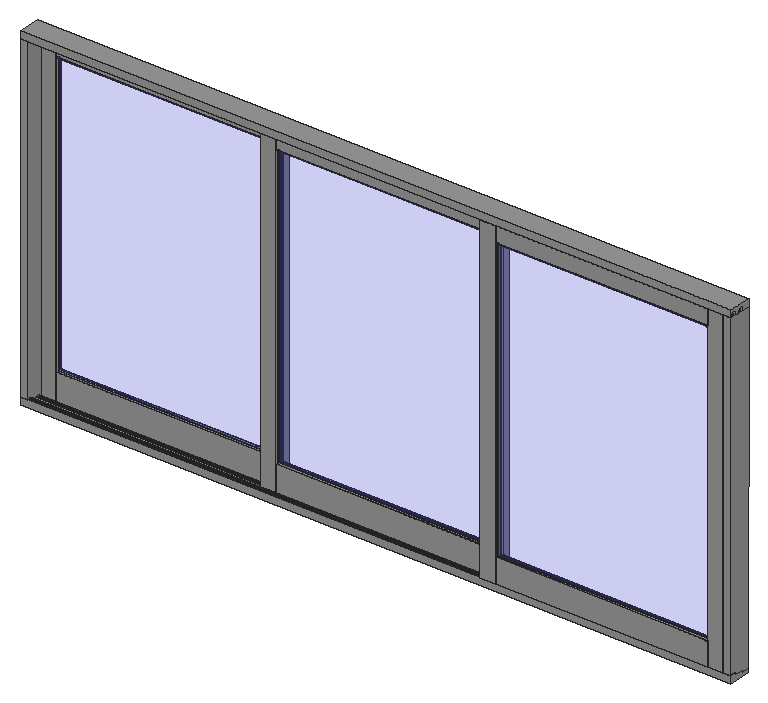
Revit family "VSD4.4TS LH", category Doors, host Wall, Revit 2015
Parameters (values of type "VSD4.4TS LH")
  Function = Interior
  Frame Projection Ext. = 25 mm
  Frame Projection Int. = 25 mm
  Frame Width = 75 mm
  Height = 2100 mm
  Wall Closure = By host
  Width = 4450 mm
Reference planes
  plane 1: y = 0
  plane 2 "Center (Left/Right)": x = 0
  plane 3 "Left": x = -2225
  plane 4 "Right": x = 2225
  plane 5: z = 2100
  plane 6 "Exterior": y = 75
  plane 7 "Interior": y = -75
  plane 8: x = -2075
  plane 9: x = -2180
  plane 10: x = -761.667
  plane 11: x = -656.667
  plane 12: x = -761.667
  plane 13: x = -656.667
  plane 14: x = 761.667
  plane 15: x = 656.667
  plane 16: x = 2180
  plane 17: x = 2075
  plane 18: x = 761.667
  plane 19: x = 656.667
Forms (mm)
  Extrusion 1, solid, material "Lauan, Meranti"
    sketch origin (0, 79.18, -119.746) x (0, 1, 0) y (0, 0, -1)
      loop
        line (-149.18, -119.746) -> (-149.18, -164.746) -> (-141.18, -164.746) -> (-141.18, -163.746) -> (-117.18, -163.746) -> (-117.18, -152.746) -> (-85.18, -152.746) -> (-85.18, -151.746) -> (-61.18, -151.746) -> (-61.18, -140.746) -> (-9.18, -140.746) -> (-9.18, -119.746) -> (-149.18, -119.746)
    from -2225 to 2225
  Extrusion 2, solid, material "Lauan, Meranti"
    sketch origin (0, 0, 0) x (0, 1, 0) y (0, 0, -1)
      loop
        line (70, -2100) -> (70, -2055) -> (17, -2055) -> (17, -2075) -> (-5, -2075) -> (-5, -2055) -> (-39, -2055) -> (-39, -2075) -> (-61, -2075) -> (-61, -2055) -> (-70, -2055) -> (-70, -2100) -> (70, -2100)
    from -2225 to 2225
  Extrusion 3, solid, material "Lauan, Meranti"
    sketch origin (0, 0, 0) x (-1, 0, 0) y (0, -1, 0)
      loop
        line (-2225, -70) -> (-2182, -70) -> (-2182, -50) -> (-2180, -50) -> (-2180, 70) -> (-2225, 70) -> (-2225, -70)
      loop
        line (2225, -70) -> (2225, 70) -> (2180, 70) -> (2180, -50) -> (2182, -50) -> (2182, -70) -> (2225, -70)
    from 45 to 2055
  Extrusion 4, solid, material "Lauan, Meranti"
    sketch origin (0, 0, 0) x (-1, 0, 0) y (0, -1, 0)
      loop
        line (-2180, -50) -> (-2180, 38) -> (-2225, 38) -> (-2225, -70) -> (-2182, -70) -> (-2182, -50) -> (-2180, -50)
      loop
        line (2180, -50) -> (2182, -50) -> (2182, -70) -> (2225, -70) -> (2225, 38) -> (2180, 38) -> (2180, -50)
    from 33 to 45
  Extrusion 5, solid, material "Steel, Chrome Plated"
    sketch origin (0, 0, 0) x (0, 1, 0) y (0, 0, -1)
      loop
        line (-38, -45) -> (-38, -44) -> (-62, -44) -> (-62, -45) -> (-51, -45) -> (-51, -46.882)
        arc (-51, -46.882) -> (-50, -49.5) -> (-49, -46.882) r 1.5
        line (-49, -46.882) -> (-49, -45) -> (-38, -45)
    from -2225 to 2180
  Extrusion 6, solid, material "Lauan, Meranti"
    sketch origin (0, 0, 0) x (-1, 0, 0) y (0, -1, 0)
      loop
        line (-2225, -70) -> (-2182, -70) -> (-2182, -50) -> (-2180, -50) -> (-2180, -18) -> (-2225, -18) -> (-2225, -70)
      loop
        line (2225, -70) -> (2225, -18) -> (2180, -18) -> (2180, -50) -> (2182, -50) -> (2182, -70) -> (2225, -70)
    from 21 to 33
  Extrusion 7, solid, material "Steel, Chrome Plated"
    sketch origin (0, 56, -12) x (0, 1, 0) y (0, 0, -1)
      loop
        line (-38, -45) -> (-38, -44) -> (-62, -44) -> (-62, -45) -> (-51, -45) -> (-51, -46.882)
        arc (-51, -46.882) -> (-50, -49.5) -> (-49, -46.882) r 1.5
        line (-49, -46.882) -> (-49, -45) -> (-38, -45)
    from -761.667 to 2180
  Extrusion 8, solid, material "Lauan, Meranti"
    sketch origin (0, 0, 0) x (-1, 0, 0) y (0, -1, 0)
      loop
        line (-2084, 70) -> (-2180, 70) -> (-2180, 30) -> (-2084, 30) -> (-2084, 60) -> (-2075, 60) -> (-2075, 62) -> (-2077, 62)
        arc (-2077, 62) -> (-2079.265, 66.44) -> (-2084, 68) r 6.549
        line (-2084, 68) -> (-2084, 70)
      loop
        line (-752.667, 70) -> (-752.667, 68)
        arc (-752.667, 68) -> (-757.401, 66.44) -> (-759.667, 62) r 6.549
        line (-759.667, 62) -> (-761.667, 62) -> (-761.667, 60) -> (-752.667, 60) -> (-752.667, 30) -> (-656.667, 30) -> (-656.667, 70) -> (-752.667, 70)
    from 45 to 2055
  Extrusion 9, solid, material "Lauan, Meranti"
    sketch origin (-1630, 104, 0) x (-1, 0, 0) y (0, -1, 0)
      loop
        line (454, 70) -> (454, 68)
        arc (454, 68) -> (449.265, 66.44) -> (447, 62) r 6.549
        line (447, 62) -> (445, 62) -> (445, 60) -> (454, 60) -> (454, 30) -> (550, 30) -> (550, 70) -> (454, 70)
      loop
        line (-877.333, 70) -> (-973.333, 70) -> (-973.333, 30) -> (-877.333, 30) -> (-877.333, 60) -> (-868.333, 60) -> (-868.333, 62) -> (-870.333, 62)
        arc (-870.333, 62) -> (-872.599, 66.44) -> (-877.333, 68) r 6.549
        line (-877.333, 68) -> (-877.333, 70)
    from 21 to 2055
  Extrusion 10, solid, material "Lauan, Meranti"
    sketch origin (-1240.468, 46.5, 0) x (0, 1, 0) y (0, 0, -1)
      loop
        arc (-4.5, -1952) -> (-8.866, -1954.33) -> (-10.5, -1959) r 6.807
        line (-10.5, -1959) -> (-12.5, -1959) -> (-12.5, -2055) -> (27.5, -2055) -> (27.5, -1959) -> (-2.5, -1959) -> (-2.5, -1950) -> (-4.5, -1950) -> (-4.5, -1952)
      loop
        line (-12.5, -192) -> (-10.5, -192)
        arc (-10.5, -192) -> (-8.866, -196.67) -> (-4.5, -199) r 6.807
        line (-4.5, -199) -> (-4.5, -201) -> (-2.5, -201) -> (-2.5, -192) -> (27.5, -192) -> (27.5, -21) -> (-12.5, -21) -> (-12.5, -192)
    from -487.801 to 843.532
  Extrusion 11, solid, material "Lauan, Meranti"
    sketch origin (-260.468, 46.5, 0) x (0, 1, 0) y (0, 0, -1)
      loop
        arc (-52.5, -1952) -> (-56.866, -1954.33) -> (-58.5, -1959) r 6.807
        line (-58.5, -1959) -> (-60.5, -1959) -> (-60.5, -2055) -> (-20.5, -2055) -> (-20.5, -1959) -> (-50.5, -1959) -> (-50.5, -1950) -> (-52.5, -1950) -> (-52.5, -1952)
      loop
        line (-60.5, -192) -> (-58.5, -192)
        arc (-58.5, -192) -> (-56.866, -196.67) -> (-52.5, -199) r 6.807
        line (-52.5, -199) -> (-52.5, -201) -> (-50.5, -201) -> (-50.5, -192) -> (-20.5, -192) -> (-20.5, -33) -> (-60.5, -33) -> (-60.5, -192)
    from -926.134 to 405.199
  Extrusion 12, solid, material "Lauan, Meranti"
    sketch origin (-815, 56, 0) x (-1, 0, 0) y (0, -1, 0)
      loop
        line (-149.333, 70) -> (-149.333, 68)
        arc (-149.333, 68) -> (-154.068, 66.44) -> (-156.333, 62) r 6.549
        line (-156.333, 62) -> (-158.333, 62) -> (-158.333, 60) -> (-149.333, 60) -> (-149.333, 30) -> (-53.333, 30) -> (-53.333, 70) -> (-149.333, 70)
      loop
        line (-1480.667, 70) -> (-1576.667, 70) -> (-1576.667, 30) -> (-1480.667, 30) -> (-1480.667, 60) -> (-1471.667, 60) -> (-1471.667, 62) -> (-1473.667, 62)
        arc (-1473.667, 62) -> (-1475.932, 66.44) -> (-1480.667, 68) r 6.549
        line (-1480.667, 68) -> (-1480.667, 70)
    from 33 to 2055
  Extrusion 13, solid, material "Lauan, Meranti"
    sketch origin (659.532, 46.5, 0) x (0, 1, 0) y (0, 0, -1)
      loop
        arc (-108.5, -1952) -> (-112.866, -1954.33) -> (-114.5, -1959) r 6.807
        line (-114.5, -1959) -> (-116.5, -1959) -> (-116.5, -2055) -> (-76.5, -2055) -> (-76.5, -1959) -> (-106.5, -1959) -> (-106.5, -1950) -> (-108.5, -1950) -> (-108.5, -1952)
      loop
        line (-116.5, -192) -> (-114.5, -192)
        arc (-114.5, -192) -> (-112.866, -196.67) -> (-108.5, -199) r 6.807
        line (-108.5, -199) -> (-108.5, -201) -> (-106.5, -201) -> (-106.5, -192) -> (-76.5, -192) -> (-76.5, -45) -> (-116.5, -45) -> (-116.5, -192)
    from -1424.468 to -93.134
  Sweep 14, solid, material "Lauan, Meranti"
    path origin (-396.541, -71.95, -1407.63) x (-1, 0, 0) y (0, 0, -1)
      loop
        line (356.126, -3366.63) -> (1687.459, -3366.63) -> (1687.459, -1599.63) -> (356.126, -1599.63) -> (356.126, -3366.63)
    profile origin (-1418.333, -71.95, 1959) x (0, 0, -1) y (0, -1, 0)
      loop
        line (9, -124.5) -> (0, -124.5) -> (0, -132.5)
        arc (0, -132.5) -> (4.67, -130.866) -> (7, -126.5) r 6.807
        line (7, -126.5) -> (9, -126.5) -> (9, -124.5)
  Extrusion 15, solid, material "Glass"
    sketch origin (-691.517, -61, -241.167) x (-1, 0, 0) y (0, 0, -1)
      loop
        line (61.15, -2200.167) -> (1392.483, -2200.167) -> (1392.483, -433.167) -> (61.15, -433.167) -> (61.15, -2200.167)
    from -112.5 to -106.1
  Sweep 16, solid, material "Lauan, Meranti"
    path origin (418.469, -119.95, -1407.63) x (-1, 0, 0) y (0, 0, -1)
      loop
        line (-247.198, -3366.63) -> (1084.136, -3366.63) -> (1084.136, -1599.63) -> (-247.198, -1599.63) -> (-247.198, -3366.63)
    profile origin (0, -119.95, 1959) x (0, 0, -1) y (0, -1, 0)
      loop
        line (9, -124.5) -> (0, -124.5) -> (0, -132.5)
        arc (0, -132.5) -> (4.67, -130.866) -> (7, -126.5) r 6.807
        line (7, -126.5) -> (9, -126.5) -> (9, -124.5)
  Extrusion 17, solid, material "Glass"
    sketch origin (123.493, -109, -241.167) x (-1, 0, 0) y (0, 0, -1)
      loop
        line (-542.174, -2200.167) -> (789.159, -2200.167) -> (789.159, -433.167) -> (-542.174, -433.167) -> (-542.174, -2200.167)
    from -112.5 to -106.1
  Sweep 18, solid, material "Lauan, Meranti"
    path origin (1233.469, -175.95, -1407.63) x (-1, 0, 0) y (0, 0, -1)
      loop
        line (-850.541, -3366.63) -> (480.802, -3366.63) -> (480.802, -1599.63) -> (-850.541, -1599.63) -> (-850.541, -3366.63)
    profile origin (1418.338, -175.95, 1959) x (0, 0, -1) y (0, -1, 0)
      loop
        line (9, -124.5) -> (0, -124.5) -> (0, -132.5)
        arc (0, -132.5) -> (4.67, -130.866) -> (7, -126.5) r 6.807
        line (7, -126.5) -> (9, -126.5) -> (9, -124.5)
  Extrusion 19, solid, material "Glass"
    sketch origin (938.493, -165, -241.167) x (-1, 0, 0) y (0, 0, -1)
      loop
        line (-1145.517, -2200.167) -> (185.826, -2200.167) -> (185.826, -433.167) -> (-1145.517, -433.167) -> (-1145.517, -2200.167)
    from -112.5 to -106.1
  Extrusion 20, solid, material "Steel, Chrome Plated"
    sketch origin (0, 0, 0) x (0, 1, 0) y (0, 0, -1)
      loop
        line (16.5, -2075) -> (16.5, -2055) -> (14.3, -2055) -> (14.3, -2072.8) -> (-2.3, -2072.8) -> (-2.3, -2055) -> (-4.5, -2055) -> (-4.5, -2075) -> (16.5, -2075)
    from -2225 to 2225
  Extrusion 21, solid, material "Steel, Chrome Plated"
    sketch origin (0, -56, 0) x (0, 1, 0) y (0, 0, -1)
      loop
        line (16.5, -2075) -> (16.5, -2055) -> (14.3, -2055) -> (14.3, -2072.8) -> (-2.3, -2072.8) -> (-2.3, -2055) -> (-4.5, -2055) -> (-4.5, -2075) -> (16.5, -2075)
    from -2225 to 2225
Cuts and joins
  joined: Extrusion 3, Extrusion 4, Extrusion 6
Lines and regions (mm)
  Opening 1
    outline origin (-5000, 75, 0) x (-1, 0, 0) y (0, 0, 1)
      loop
        line (-7225, 0) -> (-2775, 0) -> (-2775, 2100) -> (-7225, 2100) -> (-7225, 0)
  model lines
    curve 1: line (255.153, 99.5, 1050) -> (-85.77, 99.5, 1050)
    curve 2: line (-224.847, 99.5, 1050) -> (-85.77, 99.5, 1106.191)
    curve 3: line (-85.77, 99.5, 1106.191) -> (-85.77, 99.5, 993.809)
    curve 4: line (-224.847, 99.5, 1050) -> (-85.77, 99.5, 993.809)
    curve 5: line (1673.486, 99.5, 1050) -> (1332.564, 99.5, 1050)
    curve 6: line (1193.486, 99.5, 1050) -> (1332.564, 99.5, 1106.191)
    curve 7: line (1332.564, 99.5, 1106.191) -> (1332.564, 99.5, 993.809)
    curve 8: line (1193.486, 99.5, 1050) -> (1332.564, 99.5, 993.809)
Text (mm)
  text "Exterior" at (-2295.016, 1099.543, 0), in view "Ref. Level"
  text "Exterior" at (0, 1615.38, 3698.081), in view "Left"
  text "Exterior" at (0, 1036.032, 3874.932), in view "Right"
Dimensions and locks
  equal spacing: plane 3 "Left", plane 2 "Center (Left/Right)", plane 4 "Right"
  "Width": plane 3 "Left" to plane 4 "Right"
  "Height": plane 5 to host wall
  host wall to plane 5 = 2100 mm  (x2)
  locked: plane 6 "Exterior" to host wall at 0
  locked: plane 7 "Interior" to host wall
  plane 3 "Left" to plane 4 "Right" = 4450 mm
  aligned and locked: host wall to plane 1
  aligned and locked: Opening 1 sketch curve to level
Automatic sketch dimensions
  curve 2 to plane 2 "Center (Left/Right)" = 224.847 mm
  curve 2 to plane 2 "Center (Left/Right)" = 85.77 mm
  plane 4 "Right" to curve 6 = 1031.514 mm
  curve 6 to curve 6 = 139.078 mm
  level to curve 4 = 993.809 mm
  level to curve 7 = 993.809 mm
  curve 7 to curve 8 = 56.191 mm
  curve 3 to curve 4 = 56.191 mm
  curve 3 to curve 3 = 112.382 mm
  curve 7 to curve 7 = 112.382 mm
  plane 2 "Center (Left/Right)" to curve 1 = 255.153 mm
  curve 5 to curve 5 = 340.922 mm
  curve 1 to curve 2 = 56.191 mm
  curve 7 to curve 5 = 56.191 mm
  plane 4 "Right" to Opening 1 sketch curve = 0 mm
  plane 3 "Left" to Opening 1 sketch curve = 0 mm
  Opening 1 sketch curve to plane 5 = 0 mm
  Extrusion 1 sketch curve to level = 0 mm
  Extrusion 1 sketch curve to host wall = 5 mm  (x2)
  Extrusion 1 sketch curve to Extrusion 1 sketch curve = 8 mm
  Extrusion 1 sketch curve to Extrusion 1 sketch curve = 24 mm
  host wall to Extrusion 1 sketch curve = 6 mm
  Extrusion 1 sketch curve to host wall = 18 mm
  level to Extrusion 1 sketch curve = 21 mm
  Extrusion 1 sketch curve to Extrusion 1 sketch curve = 11 mm  (x2)
  Extrusion 1 sketch curve to Extrusion 1 sketch curve = 1 mm  (x2)
  plane 5 to Extrusion 2 sketch curve = 0 mm
  Extrusion 2 sketch curve to host wall = 5 mm  (x2)
  Extrusion 2 sketch curve to Extrusion 2 sketch curve = 9 mm
  Extrusion 2 sketch curve to Extrusion 2 sketch curve = 22 mm
  host wall to Extrusion 2 sketch curve = 5 mm
  Extrusion 2 sketch curve to host wall = 17 mm
  plane 5 to Extrusion 2 sketch curve = 25 mm  (x2)
  Extrusion 2 sketch curve to Extrusion 2 sketch curve = 20 mm  (x3)
  Extrusion 3 sketch curve to plane 4 "Right" = 0 mm
  Extrusion 3 sketch curve to plane 3 "Left" = 0 mm
  Extrusion 3 sketch curve to plane 4 "Right" = 43 mm
  host wall to Extrusion 3 sketch curve = 5 mm  (x4)
  Extrusion 3 sketch curve to Extrusion 3 sketch curve = 45 mm
  plane 3 "Left" to Extrusion 3 sketch curve = 45 mm
  Extrusion 3 sketch curve to Extrusion 3 sketch curve = 2 mm
  host wall to Extrusion 3 sketch curve = 25 mm  (x2)
  Extrusion 4 sketch curve to plane 4 "Right" = 0 mm
  Extrusion 4 sketch curve to plane 3 "Left" = 0 mm
  Extrusion 4 sketch curve to plane 4 "Right" = 43 mm
  Extrusion 4 sketch curve to Extrusion 4 sketch curve = 2 mm  (x2)
  plane 3 "Left" to Extrusion 4 sketch curve = 45 mm
  host wall to Extrusion 4 sketch curve = 5 mm  (x2)
  host wall to Extrusion 4 sketch curve = 25 mm
  Extrusion 4 sketch curve to Extrusion 4 sketch curve = 20 mm
  host wall to Extrusion 4 sketch curve = 37 mm  (x2)
  Extrusion 5 sketch curve to host wall = 13 mm
  Extrusion 5 sketch curve to Extrusion 5 sketch curve = 11 mm  (x2)
  Extrusion 5 sketch curve to Extrusion 5 sketch curve = 1 mm  (x3)
  level to Extrusion 5 sketch curve = 48 mm
  Extrusion 5 sketch curve to Extrusion 5 sketch curve = 1.118 mm
  Extrusion 5 sketch curve to Extrusion 5 sketch curve = 1.882 mm  (x2)
  Extrusion 6 sketch curve to plane 4 "Right" = 0 mm
  Extrusion 6 sketch curve to plane 3 "Left" = 0 mm
  host wall to Extrusion 6 sketch curve = 5 mm  (x2)
  Extrusion 6 sketch curve to Extrusion 6 sketch curve = 43 mm
  Extrusion 6 sketch curve to Extrusion 6 sketch curve = 2 mm  (x2)
  host wall to Extrusion 6 sketch curve = 18 mm  (x2)
  plane 3 "Left" to Extrusion 6 sketch curve = 45 mm
  Extrusion 6 sketch curve to Extrusion 6 sketch curve = 20 mm
  host wall to Extrusion 6 sketch curve = 25 mm
  host wall to Extrusion 7 sketch curve = 6 mm
  Extrusion 7 sketch curve to host wall = 5 mm
  Extrusion 7 sketch curve to Extrusion 7 sketch curve = 1 mm  (x3)
  Extrusion 7 sketch curve to Extrusion 7 sketch curve = 11 mm
  level to Extrusion 7 sketch curve = 36 mm
  Extrusion 7 sketch curve to Extrusion 7 sketch curve = 1.118 mm
  Extrusion 7 sketch curve to Extrusion 7 sketch curve = 1.882 mm  (x2)
  Extrusion 8 sketch curve to plane 16 = 0 mm
  Extrusion 8 sketch curve to plane 17 = 0 mm
  Extrusion 8 sketch curve to plane 18 = 0 mm
  Extrusion 8 sketch curve to plane 19 = 0 mm
  Extrusion 8 sketch curve to plane 17 = 9 mm  (x2)
  Extrusion 8 sketch curve to Extrusion 8 sketch curve = 0.473 mm  (x3)
  Extrusion 8 sketch curve to Extrusion 8 sketch curve = 2 mm  (x5)
  Extrusion 8 sketch curve to Extrusion 8 sketch curve = 6.527 mm
  host wall to Extrusion 8 sketch curve = 5 mm  (x2)
  Extrusion 8 sketch curve to Extrusion 8 sketch curve = 6 mm  (x2)
  Extrusion 8 sketch curve to Extrusion 8 sketch curve = 1.468 mm
  Extrusion 8 sketch curve to host wall = 30 mm  (x2)
  Extrusion 9 sketch curve to plane 11 = 0 mm
  Extrusion 9 sketch curve to plane 10 = 0 mm
  Extrusion 9 sketch curve to plane 8 = 0 mm
  Extrusion 9 sketch curve to plane 9 = 0 mm
  plane 10 to Extrusion 9 sketch curve = 9 mm
  Extrusion 9 sketch curve to Extrusion 9 sketch curve = 0 mm
  Extrusion 9 sketch curve to Extrusion 9 sketch curve = 0.473 mm  (x2)
  plane 10 to Extrusion 9 sketch curve = 2 mm
  Extrusion 9 sketch curve to Extrusion 9 sketch curve = 2 mm  (x3)
  Extrusion 9 sketch curve to Extrusion 9 sketch curve = 6.527 mm
  Extrusion 9 sketch curve to host wall = 1 mm  (x2)
  Extrusion 9 sketch curve to plane 8 = 9 mm
  Extrusion 9 sketch curve to host wall = 31 mm
  Extrusion 9 sketch curve to Extrusion 9 sketch curve = 30 mm
  Extrusion 9 sketch curve to Extrusion 9 sketch curve = 1.468 mm  (x2)
  Extrusion 9 sketch curve to host wall = 34 mm  (x2)
  Extrusion 10 sketch curve to host wall = 34 mm  (x2)
  Extrusion 10 sketch curve to Extrusion 10 sketch curve = 2 mm  (x6)
  Extrusion 10 sketch curve to Extrusion 10 sketch curve = 6 mm  (x2)
  Extrusion 10 sketch curve to Extrusion 10 sketch curve = 0.803 mm
  Extrusion 10 sketch curve to Extrusion 10 sketch curve = 6.803 mm
  Extrusion 10 sketch curve to host wall = 1 mm  (x2)
  plane 5 to Extrusion 10 sketch curve = 45 mm
  Extrusion 10 sketch curve to Extrusion 10 sketch curve = 96 mm
  Extrusion 10 sketch curve to Extrusion 10 sketch curve = 0 mm
  Extrusion 10 sketch curve to Extrusion 10 sketch curve = 0.241 mm  (x2)
  level to Extrusion 10 sketch curve = 201 mm
  Extrusion 10 sketch curve to Extrusion 10 sketch curve = 6.759 mm
  level to Extrusion 10 sketch curve = 21 mm
  host wall to Extrusion 11 sketch curve = 14 mm  (x2)
  Extrusion 11 sketch curve to Extrusion 11 sketch curve = 2 mm  (x4)
  host wall to Extrusion 11 sketch curve = 6 mm  (x2)
  host wall to Extrusion 11 sketch curve = 5.197 mm  (x2)
  Extrusion 11 sketch curve to Extrusion 11 sketch curve = 1.197 mm  (x2)
  Extrusion 11 sketch curve to host wall = 26 mm  (x2)
  plane 5 to Extrusion 11 sketch curve = 45 mm
  Extrusion 11 sketch curve to Extrusion 11 sketch curve = 96 mm
  Extrusion 11 sketch curve to Extrusion 11 sketch curve = 0 mm
  Extrusion 11 sketch curve to Extrusion 11 sketch curve = 0.241 mm  (x2)
  level to Extrusion 11 sketch curve = 201 mm
  Extrusion 11 sketch curve to Extrusion 11 sketch curve = 6.759 mm
  level to Extrusion 11 sketch curve = 33 mm
  Extrusion 12 sketch curve to plane 14 = 0 mm
  Extrusion 12 sketch curve to plane 15 = 0 mm
  Extrusion 12 sketch curve to plane 13 = 0 mm
  Extrusion 12 sketch curve to plane 12 = 0 mm
  host wall to Extrusion 12 sketch curve = 4 mm
  Extrusion 12 sketch curve to Extrusion 12 sketch curve = 9 mm
  Extrusion 12 sketch curve to Extrusion 12 sketch curve = 0 mm
  Extrusion 12 sketch curve to Extrusion 12 sketch curve = 0.473 mm  (x2)
  Extrusion 12 sketch curve to Extrusion 12 sketch curve = 2 mm  (x4)
  host wall to Extrusion 12 sketch curve = 5.468 mm
  Extrusion 12 sketch curve to Extrusion 12 sketch curve = 6.527 mm
  plane 13 to Extrusion 12 sketch curve = 9 mm
  Extrusion 12 sketch curve to Extrusion 12 sketch curve = 1.468 mm  (x2)
  Extrusion 12 sketch curve to host wall = 26 mm  (x2)
  host wall to Extrusion 12 sketch curve = 14 mm  (x2)
  Extrusion 13 sketch curve to host wall = 5 mm  (x2)
  Extrusion 13 sketch curve to Extrusion 13 sketch curve = 2 mm  (x4)
  Extrusion 13 sketch curve to Extrusion 13 sketch curve = 6 mm  (x2)
  Extrusion 13 sketch curve to Extrusion 13 sketch curve = 0.803 mm
  Extrusion 13 sketch curve to Extrusion 13 sketch curve = 6.803 mm
  Extrusion 13 sketch curve to Extrusion 13 sketch curve = 1.197 mm  (x2)
  host wall to Extrusion 13 sketch curve = 30 mm  (x2)
  plane 5 to Extrusion 13 sketch curve = 45 mm
  Extrusion 13 sketch curve to Extrusion 13 sketch curve = 96 mm
  Extrusion 13 sketch curve to Extrusion 13 sketch curve = 0 mm
  Extrusion 13 sketch curve to Extrusion 13 sketch curve = 0.241 mm  (x2)
  level to Extrusion 13 sketch curve = 201 mm
  Extrusion 13 sketch curve to Extrusion 13 sketch curve = 6.759 mm
  level to Extrusion 13 sketch curve = 45 mm
  level to Sweep 14 sketch curve = 192 mm
  Sweep 14 sketch curve to plane 2 "Center (Left/Right)" = 752.667 mm
  Sweep 14 sketch curve to plane 3 "Left" = 141 mm
  plane 5 to Sweep 14 sketch curve = 141 mm
  Sweep 14 sketch curve to profile plane = 0 mm
  Sweep 14 sketch curve to profile plane = 0.241 mm
  Sweep 14 sketch curve to Sweep 14 sketch curve = 6.759 mm
  Sweep 14 sketch curve to Sweep 14 sketch curve = 2 mm  (x2)
  Sweep 14 sketch curve to profile plane = 132.5 mm
  Sweep 14 sketch curve to Sweep 14 sketch curve = 6 mm
  level to Extrusion 15 sketch curve = 192 mm
  Extrusion 15 sketch curve to plane 2 "Center (Left/Right)" = 752.667 mm
  Extrusion 15 sketch curve to plane 3 "Left" = 141 mm
  plane 5 to Extrusion 15 sketch curve = 141 mm
  level to Sweep 16 sketch curve = 192 mm
  plane 2 "Center (Left/Right)" to Sweep 16 sketch curve = 665.667 mm
  Sweep 16 sketch curve to plane 2 "Center (Left/Right)" = 665.667 mm
  plane 5 to Sweep 16 sketch curve = 141 mm
  Sweep 16 sketch curve to profile plane = 0 mm
  Sweep 16 sketch curve to profile plane = 0.241 mm
  Sweep 16 sketch curve to Sweep 16 sketch curve = 6.759 mm
  Sweep 16 sketch curve to Sweep 16 sketch curve = 2 mm  (x2)
  Sweep 16 sketch curve to profile plane = 132.5 mm
  Sweep 16 sketch curve to Sweep 16 sketch curve = 6 mm
  level to Extrusion 17 sketch curve = 192 mm
  plane 2 "Center (Left/Right)" to Extrusion 17 sketch curve = 665.667 mm
  Extrusion 17 sketch curve to plane 2 "Center (Left/Right)" = 665.667 mm
  plane 5 to Extrusion 17 sketch curve = 141 mm
  plane 4 "Right" to Sweep 18 sketch curve = 140.99 mm
  level to Sweep 18 sketch curve = 192 mm
  plane 2 "Center (Left/Right)" to Sweep 18 sketch curve = 752.667 mm
  plane 5 to Sweep 18 sketch curve = 141 mm
  Sweep 18 sketch curve to profile plane = 0 mm
  Sweep 18 sketch curve to profile plane = 0.241 mm
  Sweep 18 sketch curve to Sweep 18 sketch curve = 6.759 mm
  Sweep 18 sketch curve to Sweep 18 sketch curve = 2 mm  (x2)
  Sweep 18 sketch curve to profile plane = 132.5 mm
  Sweep 18 sketch curve to Sweep 18 sketch curve = 6 mm
  plane 4 "Right" to Extrusion 19 sketch curve = 140.99 mm
  level to Extrusion 19 sketch curve = 192 mm
  plane 2 "Center (Left/Right)" to Extrusion 19 sketch curve = 752.667 mm
  plane 5 to Extrusion 19 sketch curve = 141 mm
  host wall to Extrusion 20 sketch curve = 4.5 mm
  host wall to Extrusion 20 sketch curve = 2.3 mm
  Extrusion 20 sketch curve to host wall = 14.3 mm
  Extrusion 20 sketch curve to Extrusion 20 sketch curve = 2.2 mm  (x2)
  plane 5 to Extrusion 20 sketch curve = 25 mm
  Extrusion 20 sketch curve to Extrusion 20 sketch curve = 17.8 mm  (x2)
  Extrusion 21 sketch curve to host wall = 14.5 mm
  Extrusion 21 sketch curve to Extrusion 21 sketch curve = 2.2 mm  (x3)
  Extrusion 21 sketch curve to Extrusion 21 sketch curve = 16.6 mm
  plane 5 to Extrusion 21 sketch curve = 25 mm
  Extrusion 21 sketch curve to Extrusion 21 sketch curve = 17.8 mm  (x2)
